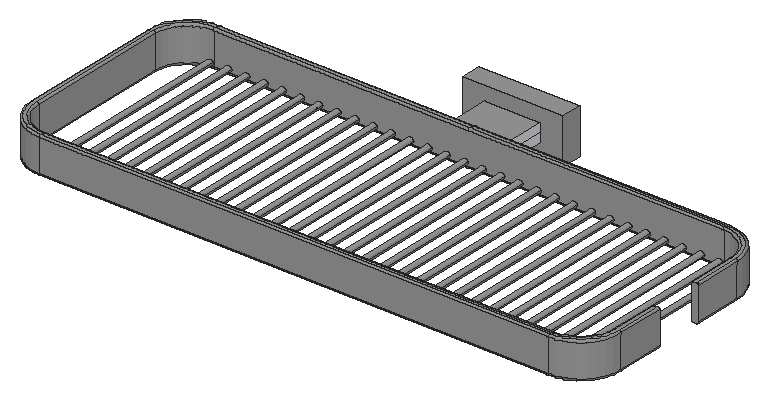
Revit family "CNT ATLAS 30 CR", category Plumbing Fixtures, Revit 2019
Family settings
  Round Connector Dimension = Use Diameter
  Part Type = Normal
  OmniClass Number = 23.45.00.00
  OmniClass Title = Sanitary, Laundry, and Cleaning Equipment
  Work Plane-Based = No
  Always vertical = Yes
  Cut with Voids When Loaded = No
  Shared = No
  Room Calculation Point = No
Reference planes
  plane 1 "Center (Front/Back)": y = 0
  plane 2: z = 0
  plane 3 "Center (Left/Right)": x = 0
Forms (mm)
  Extrusion 1, solid
    sketch origin (0, 0, 0) x (1, 0, 0) y (0, 1, 0)
      loop
        line (0, 0) -> (55, 0) -> (55, 11.634) -> (0, 11.634) -> (0, 0)
    from 0 to 25
  Extrusion 2, solid
    sketch origin (0, 0, 0) x (1, 0, 0) y (0, 0, 1)
      loop
        line (42.5, 12.5) -> (42.5, 17.5) -> (12.5, 17.5) -> (12.5, 7.5) -> (42.5, 7.5) -> (42.5, 12.5)
    from 0 to 28
  Sweep 3, solid
    path origin (0, 0, 0) x (1, 0, 0) y (0, 1, 0)
      loop
        line (187.5, -74.5) -> (187.5, -48)
        arc (187.5, -48) -> (181.642, -33.858) -> (167.5, -28) r 20
        line (167.5, -28) -> (27.5, -28) -> (-112.5, -28)
        arc (-112.5, -28) -> (-126.642, -33.858) -> (-132.5, -48) r 20
        line (-132.5, -48) -> (-132.5, -128)
        arc (-132.5, -128) -> (-126.642, -142.142) -> (-112.5, -148) r 20
        line (-112.5, -148) -> (167.5, -148)
        arc (167.5, -148) -> (181.642, -142.142) -> (187.5, -128) r 20
        line (187.5, -128) -> (187.5, -101.5)
    profile origin (187.5, -74.5, 0) x (1, 0, 0) y (0, 0, 1)
      loop
        line (0, 22.494) -> (-0.99, 22.494)
        arc (-0.99, 22.494) -> (-1.704, 22.198) -> (-2, 21.484) r 1.01
        line (-2, 21.484) -> (-2, 3.45)
        arc (-2, 3.45) -> (-1.72, 2.774) -> (-1.044, 2.494) r 0.956
        line (-1.044, 2.494) -> (1.001, 2.494)
        arc (1.001, 2.494) -> (1.707, 2.787) -> (2, 3.493) r 0.999
        line (2, 3.493) -> (2, 21.503)
        arc (2, 21.503) -> (1.71, 22.204) -> (1.009, 22.494) r 0.991
        line (1.009, 22.494) -> (0, 22.494)
  Extrusion 4, solid
    sketch origin (0, 0, 0) x (1, 0, 0) y (0, 0, 1)
      loop
        circle (-114.476, 5.35) r 1.5
      loop
        circle (-104.476, 5.35) r 1.5
      loop
        circle (-94.476, 5.35) r 1.5
      loop
        circle (-84.476, 5.35) r 1.5
      loop
        circle (-74.476, 5.35) r 1.5
      loop
        circle (-64.476, 5.35) r 1.5
      loop
        circle (-54.476, 5.35) r 1.5
      loop
        circle (-44.476, 5.35) r 1.5
      loop
        circle (-34.476, 5.35) r 1.5
      loop
        circle (-24.476, 5.35) r 1.5
      loop
        circle (-14.476, 5.35) r 1.5
      loop
        circle (-4.476, 5.35) r 1.5
      loop
        circle (5.524, 5.35) r 1.5
      loop
        circle (15.524, 5.35) r 1.5
      loop
        circle (25.524, 5.35) r 1.5
      loop
        circle (35.524, 5.35) r 1.5
      loop
        circle (45.524, 5.35) r 1.5
      loop
        circle (55.524, 5.35) r 1.5
      loop
        circle (65.524, 5.35) r 1.5
      loop
        circle (75.524, 5.35) r 1.5
      loop
        circle (85.524, 5.35) r 1.5
      loop
        circle (95.524, 5.35) r 1.5
      loop
        circle (105.524, 5.35) r 1.5
      loop
        circle (115.524, 5.35) r 1.5
      loop
        circle (125.524, 5.35) r 1.5
      loop
        circle (135.524, 5.35) r 1.5
      loop
        circle (145.524, 5.35) r 1.5
      loop
        circle (155.524, 5.35) r 1.5
      loop
        circle (165.524, 5.35) r 1.5
      loop
        circle (175.524, 5.35) r 1.5
    from 29.943 to 146.046
Dimensions and locks
  aligned and locked: level to plane 2
